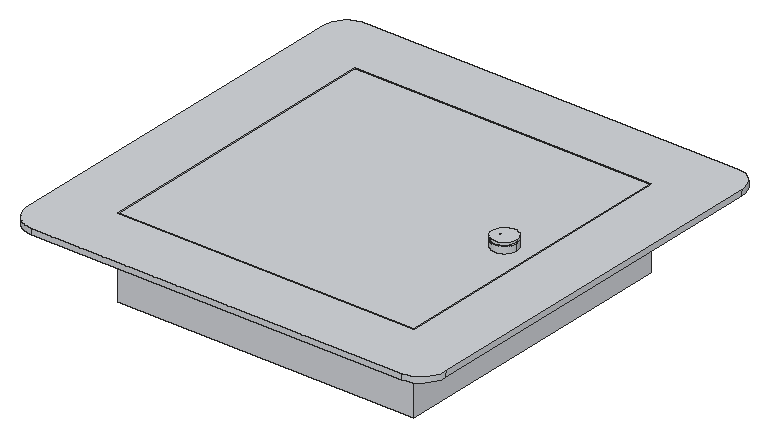
Revit family "UA", category Generic Models, host Face, Revit 2018
Family settings
  Host = Face
  Can host rebar = No
  Round Connector Dimension = Use Diameter
  Part Type = Normal
  Cut with Voids When Loaded = No
  Shared = No
  Room Calculation Point = No
Parameters (values of type "UA-6"x6"")
  Width = 0' - 6"
  URL = "WWW.MIFAB.COM"
  Model = "UA"
  Material = none
  Manufacturer = "MIFAB"
  Height = 0' - 6"
  Description = "UNIVERSAL ACCESS DOOR"
  Default Elevation = 4' - 0"
Types (32): name | Width | Height
  (no name) | 0' - 6" | 0' - 6"
  UA-6"x6" | 0' - 6" | 0' - 6"
  UA-8"x8" | 0' - 8" | 0' - 8"
  UA-10"x10" | 0' - 10" | 0' - 10"
  UA-12"x12" | 1' - 0" | 1' - 0"
  UA-12"x16" | 1' - 0" | 1' - 4"
  UA-12"x18" | 1' - 0" | 1' - 6"
  UA-12"x24" | 1' - 0" | 2' - 0"
  UA-14” x 14” | 1' - 2" | 1' - 2"
  UA-14” x 20” | 1' - 2" | 1' - 8"
  UA-14” x 24” | 1' - 2" | 2' - 0"
  UA-15” x 15” | 1' - 3" | 1' - 3"
  UA-16” x 16” | 1' - 4" | 1' - 4"
  UA-16” x 20” | 1' - 4" | 1' - 8"
  UA-16” x 24” | 1' - 4" | 2' - 0"
  UA-18” x 18” | 1' - 6" | 1' - 6"
  UA-18” x 24” | 1' - 6" | 2' - 0"
  UA-18” x 36” | 1' - 6" | 3' - 0"
  UA-20” x 20” | 1' - 8" | 1' - 8"
  UA-20” x 24” | 1' - 8" | 2' - 0"
  UA-20” x 30” | 1' - 8" | 2' - 6"
  UA-22” x 22” | 1' - 10" | 1' - 10"
  UA-22” x 30” | 1' - 10" | 2' - 6"
  UA-24” x 24” | 2' - 0" | 2' - 0"
  UA-24” x 30” | 2' - 0" | 2' - 6"
  UA-24” x 36” | 2' - 0" | 3' - 0"
  UA-24” x 48” | 2' - 0" | 4' - 0"
  UA-30” x 30” | 2' - 6" | 2' - 6"
  UA-32” x 32” | 2' - 8" | 2' - 8"
  UA-36” x 36” | 3' - 0" | 3' - 0"
  UA-36” x 48” | 3' - 0" | 4' - 0"
  UA-48” x 48” | 4' - 0" | 4' - 0"
Reference planes (in)
  plane 1 "Center (Front/Back)": y = 0
  plane 2: z = 0
  plane 3 "Center (Left/Right)": x = 0
  plane 4: x = -3
  plane 5: x = 3
  plane 6: y = 3
  plane 7: y = -3
  plane 8 "1": x = 2.4375
  plane 9: x = 4.25
  plane 10: x = -4.25
  plane 11: y = 4.25
  plane 12: y = -4.25
  plane 13: z = 0.31435
  plane 14 "2": z = -1.5
  plane 15: z = 0.10937
Forms (in)
  Extrusion 1, void
    sketch origin (0, 0, 0) x (1, 0, 0) y (0, 1, 0)
      loop
        line (-3.11811, 3.11811) -> (-3.11811, -3.11811) -> (3.11811, -3.11811) -> (3.11811, 3.11811) -> (-3.11811, 3.11811)
    from -1.5 to 0
  Sweep 2, solid, material <- "Material"
    path origin (0, 0, 0.07812) x (1, 0, 0) y (0, 1, 0)
      loop
        line (3, 3) -> (-3, 3) -> (-3, -3) -> (3, -3) -> (3, 3)
    profile origin (3, 0, 0.07812) x (1, 0, 0) y (0, 0, 1)
      loop
        line (-0.11648, -1.57812) -> (0, -1.57812) -> (0, 0.03125) -> (-0.11648, 0.03125) -> (-0.11648, -1.57812)
  Sweep 3, solid, material <- "Material"
    path origin (0, 0, 0.07812) x (1, 0, 0) y (0, 1, 0)
      loop
        line (3, 3) -> (-3, 3) -> (-3, -3) -> (3, -3) -> (3, 3)
    profile origin (3, 0, 0.07812) x (1, 0, 0) y (0, 0, 1)
      loop
        line (-0.37646, -0.07813) -> (-0.37646, -0.12527) -> (-0.16431, -0.12527) -> (-0.16431, -0.31211) -> (-0.11648, -0.31211) -> (-0.11648, -0.07813) -> (-0.37646, -0.07813)
  Extrusion 4, solid, material <- "Material"
    sketch origin (0, 0, 0.07812) x (1, 0, 0) y (0, 1, 0)
      loop
        line (-2.88352, 2.88352) -> (-2.88352, -2.88352) -> (2.88352, -2.88352) -> (2.88352, 2.88352) -> (-2.88352, 2.88352)
    from -0.07813 to 0.03125
  Extrusion 5, solid
    sketch origin (0, 0, 0) x (1, 0, 0) y (0, 1, 0)
      loop
        line (-3, 3) -> (-3, -3) -> (3, -3) -> (3, 3) -> (-3, 3)
      loop
        arc (-3.75, 4.25) -> (-4.10355, 4.10355) -> (-4.25, 3.75) r 0.5
        line (-4.25, 3.75) -> (-4.25, -3.75)
        arc (-4.25, -3.75) -> (-4.10355, -4.10355) -> (-3.75, -4.25) r 0.5
        line (-3.75, -4.25) -> (3.75, -4.25)
        arc (3.75, -4.25) -> (4.10355, -4.10355) -> (4.25, -3.75) r 0.5
        line (4.25, -3.75) -> (4.25, 3.75)
        arc (4.25, 3.75) -> (4.10355, 4.10355) -> (3.75, 4.25) r 0.5
        line (3.75, 4.25) -> (-3.75, 4.25)
    from 0 to 0.10937
Cuts and joins
  joined: Sweep 2, Extrusion 4
Dimensions and locks (in)
  equal spacing: plane 7, plane 1 "Center (Front/Back)", plane 6
  "Height": plane 7 to plane 6
  equal spacing: plane 4, plane 3 "Center (Left/Right)", plane 5
  "Width": plane 4 to plane 5
  locked: plane 8 "1" to plane 5 at 0.5625
  locked: plane 5 to plane 9 at 1.25
  locked: plane 10 to plane 4 at 1.25
  locked: plane 12 to plane 7 at 1.25
  locked: plane 11 to plane 6 at 1.25
  locked: plane 13 to profile plane at 0.23622
  locked: plane 2 to plane 14 "2" at 1.5
  plane 9 to plane 5 = 0' - 1 1/4"
  aligned and locked: plane 2 to host face
  aligned and locked: level to host face
  aligned and locked: plane 2 to Extrusion 1
  aligned and locked: Extrusion 1 to Sweep 2
  aligned and locked: plane 14 "2" to Sweep 2 sketch curve
  aligned and locked: nested 1 to plane 8 "1"
  aligned and locked: plane 15 to Sweep 2 sketch curve
  aligned and locked: Sweep 2 to Sweep 3 sketch curve
  aligned and locked: Sweep 3 sketch curve to host face
  aligned and locked: Extrusion 4 to Sweep 2  (x4)
  aligned and locked: Extrusion 5 sketch curve to cut or joined group of Sweep 2, Extrusion 4  (x4)
  aligned and locked: Extrusion 5 sketch curve to plane 11
  aligned and locked: Extrusion 5 sketch curve to plane 10
  aligned and locked: Extrusion 5 sketch curve to plane 12
  aligned and locked: Extrusion 5 sketch curve to plane 9
  aligned and locked: Extrusion 5 to level
  aligned and locked: plane 15 to Extrusion 5
Automatic sketch dimensions
  host sketch curve to host sketch curve = 8' - 0"  (x2)
  Extrusion 1 sketch curve to plane 4 = 0' - 0.11811"
  Extrusion 1 sketch curve to plane 5 = 0' - 0.11811"
  plane 7 to Extrusion 1 sketch curve = 0' - 0.11811"
  plane 6 to Extrusion 1 sketch curve = 0' - 0.11811"
  Sweep 2 sketch curve to plane 4 = 0' - 0"
  Sweep 2 sketch curve to plane 5 = 0' - 0"
  plane 7 to Sweep 2 sketch curve = 0' - 0"
  Sweep 2 sketch curve to plane 6 = 0' - 0"
  profile plane to Sweep 2 sketch curve = 0' - 0"
  Sweep 2 sketch curve to Sweep 2 sketch curve = 0' - 0.11648"
  Sweep 3 sketch curve to plane 4 = 0' - 0"
  Sweep 3 sketch curve to plane 5 = 0' - 0"
  plane 7 to Sweep 3 sketch curve = 0' - 0"
  Sweep 3 sketch curve to plane 6 = 0' - 0"
  Sweep 3 sketch curve to Sweep 3 sketch curve = 0' - 0.04782"
  Sweep 3 sketch curve to Sweep 3 sketch curve = 0' - 0.21216"
  Sweep 3 sketch curve to Sweep 3 sketch curve = 0' - 0.04715"
  Sweep 3 sketch curve to Sweep 3 sketch curve = 0' - 0.18684"
  plane 4 to Extrusion 4 sketch curve = 0' - 0.11648"
  plane 5 to Extrusion 4 sketch curve = 0' - 0.11648"
  Extrusion 4 sketch curve to plane 7 = 0' - 0.11648"
  Extrusion 4 sketch curve to plane 6 = 0' - 0.11648"
  Extrusion 5 sketch curve to plane 4 = 0' - 0 3/4"
  Extrusion 5 sketch curve to plane 10 = 0' - 0 1/2"
  Extrusion 5 sketch curve to plane 9 = 0' - 0 1/2"  (x2)
Nested families (in)
  nested 1: "Handle" at (2.4375, 0, 0.10937), type "Handle"
Definition of nested family "Handle"
  Parameters (values of type "Handle")
    Material = none
    Default Elevation = 4' - 0"
  Reference planes (in)
    plane 1 "Center (Front/Back)": y = 0
    plane 2: z = 0
    plane 3 "Center (Left/Right)": x = 0
    plane 4: z = 0.46152
  Forms (in)
    Extrusion 1, solid
      sketch origin (0, 0, 0) x (1, 0, 0) y (0, 1, 0)
        loop
          line (-48, 48) -> (-48, -48) -> (48, -48) -> (48, 48) -> (-48, 48)
      from 0 to -12
    Revolve 2, solid
      sketch origin (0, 0, 0) x (1, 0, 0) y (0, 0, 1)
        loop
          line (0, 0) -> (0.25, 0) -> (0.25, 0.12907)
          arc (0.25, 0.12907) -> (0.24341, 0.14499) -> (0.22749, 0.15158) r 0.02251
          line (0.22749, 0.15158) -> (0, 0.15158) -> (0, 0)
        axis (0, 0) -> (0, 0.15158)
      angle from 0 to 360
    Extrusion 3, solid
      sketch origin (-3.78692, 0, -0.49918) x (1, 0, 0) y (0, 1, 0)
        loop
          circle (3.78692, 0) r 0.25
        loop
          line (3.70895, 0.01538) -> (3.70895, -0.01537) -> (3.86488, -0.01537) -> (3.86488, 0.01538) -> (3.70895, 0.01538)
      from 0.64964 to 0.6877
  Dimensions and locks (in)
    aligned and locked: plane 2 to Extrusion 1
    aligned and locked: level to Extrusion 1
